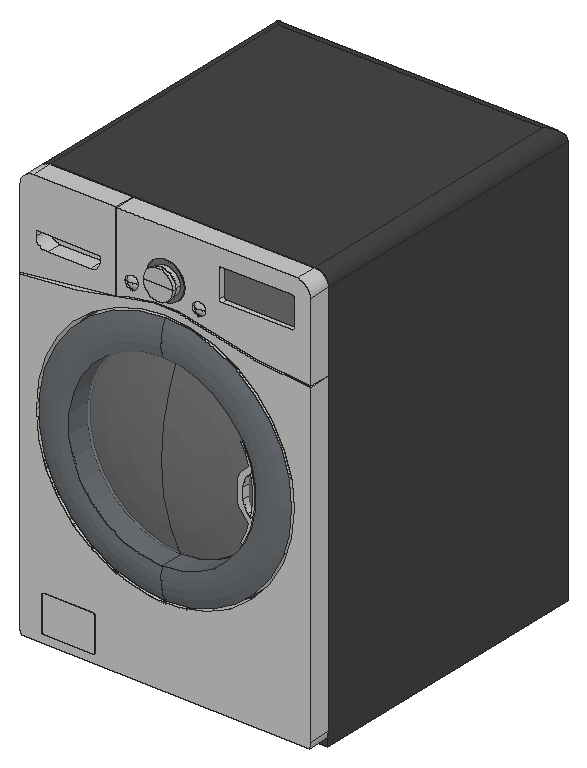
Revit family "Washer-Front_Load", category Specialty Equipment, Revit 2023
Family settings
  Round Connector Dimension = Use Diameter
  Part Type = Normal
  OmniClass Number = 23.45.70.11.11
  OmniClass Title = Residential Laundry Equipment
  Work Plane-Based = No
  Enable Cutting in Views = No
  Always vertical = Yes
  Cut with Voids When Loaded = No
  Maintain Annotation Orientation = No
  Shared = No
  Room Calculation Point = No
Parameters (values of type "27"")
  Panel = Appliance - Panel
  Door Window = Appliance - Polycarbonate
  Door Width = Width / 2 - 0' 0 1/4"  # 1' - 1 1/4"
  Width = 2' - 3"
  Wall Offset = 0' - 4"
  Voltage = 120 V
  Show Label = yes
  Power Consumption = 500 VA
  Label = "W/D"
  Height = 3' - 2 11/16"
  Door Trim = Appliance - Door Trim
  Description = "Front Load Washer"
  Depth = 2' - 5 3/4"
  Default Elevation = 0' - 0"
  Controls = Appliance - Controls
  Base Offset from Level = 0' - 0 3/4"
  Assembly Code = "E1090320"
  Appliance Finish = Appliance - Stainless Steel
  Appliance Body = Appliance - Steel - Black
  Amperage = Power Consumption / Voltage  # 4.16667 A
Types (2): name | Label | Base Offset from Level
  27" | "W/D" | 0' - 0 3/4"
  27" with Pedestal | "Washer" | 1' - 2 1/8"
Reference planes (in)
  plane 1 "Back": y = 0
  plane 2: z = 0
  plane 3 "Center (Left/Right)": x = 0
  plane 4 "Left": x = -13.5
  plane 5 "Right": x = 13.5
  plane 6: y = -4
  plane 7 "Front": y = -33.75
  plane 8 "Door Back": y = -31.75
  plane 9 "B.O. Door": z = 0.75
  plane 10 "Top": z = 39.4375
  plane 11: y = -54.5
  plane 12 "Drum CL": z = 20.09375
  plane 13 "Controls": z = 34.9375
  plane 14 "Buttons": z = 33.6875
  plane 15: x = 8.67279
Forms (in)
  Extrusion 1, solid, material "Appliance - Steel - Black" <- "Appliance Body"
    sketch origin (0, 0, 0) x (1, 0, 0) y (0, 1, 0)
      loop
        line (-13.5, -4) -> (-13.5, -31.75) -> (13.5, -31.75) -> (13.5, -4) -> (-13.5, -4)
    from 0 to 39.4375
  Extrusion 2, solid, material "Appliance - Stainless Steel" <- "Appliance Finish"
    sketch origin (0, -33.75, 0) x (-1, 0, 0) y (0, 0, 1)
      loop
        line (12.25, 39.4375) -> (-12.25, 39.4375)
        arc (-12.25, 39.4375) -> (-13.13388, 39.07138) -> (-13.5, 38.1875) r 1.25
        line (-13.5, 38.1875) -> (-13.5, 30.90585)
        arc (-13.5, 30.90585) -> (-8.35653, 31.36283) -> (-3.29994, 32.4093) r 44.74936
        arc (-3.29994, 32.4093) -> (0, 32.84375) -> (3.29994, 32.4093) r 12.75
        arc (3.29994, 32.4093) -> (8.35653, 31.36283) -> (13.5, 30.90585) r 44.74936
        line (13.5, 30.90585) -> (13.5, 38.1875)
        arc (13.5, 38.1875) -> (13.13388, 39.07138) -> (12.25, 39.4375) r 1.25
      loop
        line (13.5, 1.25) -> (13.5, 30.78079)
        arc (13.5, 30.78079) -> (8.34021, 31.23889) -> (3.26759, 32.28856) r 44.87436
        arc (3.26759, 32.28856) -> (0, 32.71875) -> (-3.26759, 32.28856) r 12.625
        arc (-3.26759, 32.28856) -> (-8.34021, 31.23889) -> (-13.5, 30.78079) r 44.87436
        line (-13.5, 30.78079) -> (-13.5, 1.25)
        arc (-13.5, 1.25) -> (-13.13388, 0.36612) -> (-12.25, 0) r 1.25
        line (-12.25, 0) -> (12.25, 0)
        arc (12.25, 0) -> (13.13388, 0.36612) -> (13.5, 1.25) r 1.25
      loop
        circle (0, 20.09375) r 12
      loop
        circle (3.125, 33.6875) r 0.625
      loop
        circle (-3.125, 33.6875) r 0.625
    from 0 to 2
  Revolve 3, solid, material "Appliance - Door Trim" <- "Door Trim", detail levels medium+fine
    sketch origin (0, 0, 0) x (0, 1, 0) y (0, 0, 1)
      loop
        line (-31.75, 31.84375) -> (-33.75, 31.84375)
        arc (-33.75, 31.84375) -> (-34.23641, 30.3424) -> (-34.15081, 28.76654) r 4.31765
        line (-34.15081, 28.76654) -> (-31.75, 28.76654) -> (-31.75, 31.84375)
      axis (-31.75, 20.09375) -> (-34.15081, 20.09375)
    angle from 0 to 360
  Revolve 4, solid, material "Appliance - Polycarbonate" <- "Door Window", detail levels medium+fine
    sketch origin (0, 0, 0) x (0, 1, 0) y (0, 0, 1)
      loop
        line (-31.75, 28.76654) -> (-32.039, 28.76654)
        arc (-32.039, 28.76654) -> (-33.61525, 24.55685) -> (-34.15081, 20.09375) r 18.86467
        line (-34.15081, 20.09375) -> (-31.75, 20.09375) -> (-31.75, 28.76654)
      axis (-31.75, 20.09375) -> (-34.15081, 20.09375)
    angle from 0 to 360
  Sweep 5, void
    path origin (0, -33.75, 0) x (-1, 0, 0) y (0, 0, 1)
      loop
        line (11.25, 5) -> (6.75, 5)
        arc (6.75, 5) -> (6.57322, 4.92678) -> (6.5, 4.75) r 0.25
        line (6.5, 4.75) -> (6.5, 1.75)
        arc (6.5, 1.75) -> (6.57322, 1.57322) -> (6.75, 1.5) r 0.25
        line (6.75, 1.5) -> (11.25, 1.5)
        arc (11.25, 1.5) -> (11.42678, 1.57322) -> (11.5, 1.75) r 0.25
        line (11.5, 1.75) -> (11.5, 4.75)
        arc (11.5, 4.75) -> (11.42678, 4.92678) -> (11.25, 5) r 0.25
    profile origin (-9, -33.75, 5) x (0, 0, -1) y (0, 1, 0)
      loop
        line (0, 0) -> (0.0625, 0) -> (0.0625, 0.53125) -> (0, 0.53125) -> (0, 0)
  Extrusion 6, void
    sketch origin (0, -33.75, 0) x (-1, 0, 0) y (0, 0, 1)
      loop
        line (12, 34.9375) -> (6, 34.9375) -> (6, 34.4375)
        arc (6, 34.4375) -> (6.29289, 33.73039) -> (7, 33.4375) r 1
        line (7, 33.4375) -> (11, 33.4375)
        arc (11, 33.4375) -> (11.70711, 33.73039) -> (12, 34.4375) r 1
        line (12, 34.4375) -> (12, 34.9375)
    from 0 to 1.5
  Extrusion 7, void
    sketch origin (0, -33.75, 0) x (-1, 0, 0) y (0, 0, 1)
      loop
        line (4.58471, 39.4375) -> (4.52221, 39.4375) -> (4.52221, 32.07217) -> (4.58471, 32.07217) -> (4.58471, 39.4375)
    from 0 to 2
  Extrusion 8, void
    sketch origin (0, -33.75, 0) x (-1, 0, 0) y (0, 0, 1)
      loop
        arc (-5.25, 34.9375) -> (-5.07322, 35.01072) -> (-5, 35.1875) r 0.25
        line (-5, 35.1875) -> (-5, 37.6875)
        arc (-5, 37.6875) -> (-5.07322, 37.86428) -> (-5.25, 37.9375) r 0.25
        line (-5.25, 37.9375) -> (-11.75, 37.9375)
        arc (-11.75, 37.9375) -> (-11.92678, 37.86428) -> (-12, 37.6875) r 0.25
        line (-12, 37.6875) -> (-12, 35.1875)
        arc (-12, 35.1875) -> (-11.92678, 35.01072) -> (-11.75, 34.9375) r 0.25
        line (-11.75, 34.9375) -> (-5.25, 34.9375)
    from 0 to 0.5
  Revolve 9, solid, material "Appliance - Controls" <- "Controls", detail levels fine
    sketch origin (0, 0, 34.9375) x (-1, 0, 0) y (0, -1, 0)
      loop
        line (0, 33.5) -> (1.3125, 33.5) -> (1.3125, 34.20551) -> (1.25, 34.20551) -> (1.25, 34.33051) -> (1.375, 34.33051) -> (1.375, 34.58051) -> (0, 34.58051) -> (0, 33.5)
      axis (0, 33.5) -> (0, 34.58051)
    angle from 0 to 360
  Revolve 10, solid, material "Appliance - Controls" <- "Controls", detail levels fine
    sketch origin (0, 0, 33.6875) x (-1, 0, 0) y (0, -1, 0)
      loop
        line (3.125, 33.59275) -> (3.75, 33.59275)
        arc (3.75, 33.59275) -> (3.45767, 33.76818) -> (3.125, 33.84275) r 1.07013
        line (3.125, 33.84275) -> (3.125, 33.59275)
      axis (3.125, 33.84275) -> (3.125, 33.59275)
    angle from 0 to 360
  Revolve 11, solid, material "Appliance - Controls" <- "Controls", detail levels fine
    sketch origin (6.25, 0, 33.6875) x (-1, 0, 0) y (0, -1, 0)
      loop
        line (3.125, 33.59275) -> (3.75, 33.59275)
        arc (3.75, 33.59275) -> (3.45767, 33.76818) -> (3.125, 33.84275) r 1.07013
        line (3.125, 33.84275) -> (3.125, 33.59275)
      axis (3.125, 33.84275) -> (3.125, 33.59275)
    angle from 0 to 360
  Extrusion 12, solid, material "Appliance - Controls" <- "Controls", detail levels fine
    sketch origin (0, -33.75, 0) x (-1, 0, 0) y (0, 0, 1)
      loop
        arc (-7.51086, 24.43014) -> (-8.67279, 20.09375) -> (-7.51086, 15.75736) r 8.67279
        line (-7.51086, 15.75736) -> (-7.30203, 15.87792)
        arc (-7.30203, 15.87792) -> (-8.43165, 20.09375) -> (-7.30203, 24.30958) r 8.43165
        line (-7.30203, 24.30958) -> (-7.51086, 24.43014)
    from -0.40081 to 1.711
  Extrusion 13, solid, material "Appliance - Controls" <- "Controls", detail levels fine
    sketch origin (0, -33.75, 0) x (-1, 0, 0) y (0, 0, 1)
      loop
        line (-8.22715, 21.93951) -> (-7.95938, 21.67174)
        arc (-7.95938, 21.67174) -> (-7.63422, 21.18511) -> (-7.52004, 20.61108) r 1.5
        line (-7.52004, 20.61108) -> (-7.52004, 19.61153)
        arc (-7.52004, 19.61153) -> (-7.63422, 19.03751) -> (-7.95938, 18.55087) r 1.5
        line (-7.95938, 18.55087) -> (-8.23354, 18.27672)
        arc (-8.23354, 18.27672) -> (-8.16608, 17.99423) -> (-8.08892, 17.71423) r 8.43165
        line (-8.08892, 17.71423) -> (-7.45938, 18.34377)
        arc (-7.45938, 18.34377) -> (-7.13422, 18.8304) -> (-7.02004, 19.40443) r 1.5
        line (-7.02004, 19.40443) -> (-7.02004, 20.81819)
        arc (-7.02004, 20.81819) -> (-7.13422, 21.39221) -> (-7.45938, 21.87885) r 1.5
        line (-7.45938, 21.87885) -> (-8.0809, 22.50037)
        arc (-8.0809, 22.50037) -> (-8.15885, 22.2212) -> (-8.22715, 21.93951) r 8.43165
    from -0.40081 to 0.25938
  Extrusion 14, solid, material "Appliance - Panel" <- "Panel", detail levels fine
    sketch origin (0, -33.75, 0) x (-1, 0, 0) y (0, 0, 1)
      loop
        circle (0, 34.9375) r 1.75
    from 0 to 2
  Extrusion 15, void
    sketch origin (0, 0, 0) x (0, 1, 0) y (0, 0, 1)
      loop
        line (-31.75, 0.75) -> (-33.75, 0.75) -> (-33.75, 0) -> (-31.75, 0) -> (-31.75, 0.75)
    from -13.5 to 13.5
  Sweep 16, void
    path in 3D
      loop
        line (13.5, -31.75, 39.4375) -> (13.5, -4, 39.4375) -> (-13.5, -4, 39.4375) -> (-13.5, -31.75, 39.4375)
    profile origin (-13.5, -17.875, 39.4375) x (1, 0, 0) y (0, 0, 1)
      loop
        line (0, 0) -> (0, -1.25)
        arc (0, -1.25) -> (0.36612, -0.36612) -> (1.25, 0) r 1.25
        line (1.25, 0) -> (0, 0)
  Extrusion 17, void
    sketch origin (0, -33.75, 0) x (-1, 0, 0) y (0, 0, 1)
      loop
        circle (0, 34.9375) r 1.75
    from 0 to 2
Cuts and joins
  Sweep 5, Extrusion 6, Extrusion 7, Extrusion 8, Extrusion 15, Extrusion 17 cuts Extrusion 2
  joined: Extrusion 12, Extrusion 13
  Extrusion 15, Sweep 16 cuts Extrusion 1
Lines and regions (in)
  Split face 1
    outline origin (-13.5, -4, 0) x (1, 0, 0) y (0, 0, -1)
      loop
        circle (21, -32.0625) r 2
  Split face 2
    outline origin (-13.5, -4, 0) x (1, 0, 0) y (0, 0, -1)
      loop
        circle (13.5, -20.09375) r 1
  Split face 3
    outline origin (-13.5, -4, 5.5) x (1, 0, 0) y (0, 0, -1)
      loop
        circle (6.07499, -29.4375) r 0.5
  Split face 4
    outline origin (-15.5, -4, 5.5) x (1, 0, 0) y (0, 0, -1)
      loop
        circle (6.07499, -29.4375) r 0.5
  Masking region 1
    outline origin (0, 0, 33.6875) x (-1, 0, 0) y (0, -1, 0)
      loop
        line (13.5, 4) -> (13.5, 33.75) -> (-13.5, 33.75) -> (-13.5, 4) -> (13.5, 4)
  symbolic lines, style "Appliances"
    curve 1: line (-13.5, -33.75, 0) -> (-13.5, -4, 0)
    curve 2: line (13.5, -33.75, 0) -> (-13.5, -33.75, 0)
    curve 3: line (13.5, -4, 0) -> (13.5, -33.75, 0)
    curve 4: line (-13.5, -4, 0) -> (13.5, -4, 0)
  sketch lines
    curve 5: line (-13.5, -4, 39.4375) -> (-13.5, -31.75, 39.4375)
    curve 6: line (13.5, -4, 39.4375) -> (-13.5, -4, 39.4375)
    curve 7: line (13.5, -31.75, 39.4375) -> (13.5, -4, 39.4375)
  symbolic lines, style "Appliances - Plan Swing", detail levels medium+fine
    curve 8: arc (-9, -54.5, 33.6875) -> (5.67247, -48.42247, 33.6875) -> (11.75, -33.75, 33.6875) r 20.75
    curve 9: line (-11.75, -33.75, 33.6875) -> (-11.75, -54.5, 33.6875)
    curve 10: line (-11.75, -54.5, 33.6875) -> (-9, -54.5, 33.6875)
  reference lines
    curve 11: line (0, -33.75, 20.09375) -> (7.51086, -33.75, 24.43014)
    curve 12: line (0, -33.75, 20.09375) -> (7.51086, -33.75, 15.75736)
Dimensions and locks (in)
  equal spacing: plane 4 "Left", plane 3 "Center (Left/Right)", plane 5 "Right"
  "Width": plane 4 "Left" to plane 5 "Right"
  "Depth": plane 6 to plane 7 "Front"
  "Wall Offset": plane 1 "Back" to plane 6
  "Height": plane 10 "Top" to plane 9 "B.O. Door"
  "Base Offset from Level": plane 9 "B.O. Door" to level
  locked: plane 8 "Door Back" to plane 7 "Front" at 2
  locked: plane 5 "Right" to Split face 1 sketch curve at 6
  equal spacing: plane 6, nested 1, plane 8 "Door Back"
  Split face 2 sketch curve to plane 9 "B.O. Door" = 1' - 7 11/32"
  locked: plane 7 "Front" to plane 11 at 20.75
  Extrusion 2 sketch curve to Extrusion 2 sketch curve to plane 12 "Drum CL" = 0' - 0.12506" locked, 0' - 10.68704" locked  (x2)
  equal spacing: plane 10 "Top", plane 12 "Drum CL", plane 9 "B.O. Door"
  plane 12 "Drum CL" to Revolve 3 sketch curve to Revolve 3 sketch curve = 0' - 8.67279", 0' - 3.07721" locked
  Sweep 5 sketch curve to Sweep 5 sketch curve to plane 9 "B.O. Door" = 0' - 3 1/2", 0' - 0 3/4" locked
  Sweep 5 sketch curve to Sweep 5 sketch curve to plane 4 "Left" = 0' - 5" locked, 0' - 2" locked
  locked: plane 10 "Top" to plane 13 "Controls" at 4.5
  plane 5 "Right" to Extrusion 8 sketch curve to Extrusion 8 sketch curve = 0' - 1 1/2" locked, 0' - 7" locked
  locked: Extrusion 8 sketch curve to plane 13 "Controls" at 3
  Revolve 9 sketch curve to Revolve 9 sketch curve to Revolve 9 sketch curve to plane 3 "Center (Left/Right)" = 0' - 0 1/16" locked, 0' - 0 1/16" locked, 0' - 1 1/4" locked
  Revolve 9 sketch curve to Revolve 9 sketch curve to Revolve 9 sketch curve to plane 7 "Front" to Revolve 9 sketch curve = 0' - 0 1/4" locked, 0' - 0 1/8" locked, 0' - 0.45551", 0' - 0 1/4" locked
  Extrusion 6 sketch curve to Extrusion 6 sketch curve to plane 4 "Left" = 0' - 6" locked, 0' - 1 1/2" locked
  locked: plane 13 "Controls" to cut or joined group of Extrusion 2, Sweep 5, Extrusion 6, Extrusion 7, Extrusion 8, Extrusion 15, Extrusion 17 at 1.5
  locked: plane 13 "Controls" to plane 14 "Buttons" at 1.25
  Extrusion 2 sketch curve to plane 3 "Center (Left/Right)" to Extrusion 2 sketch curve = 0' - 3 1/8" locked, 0' - 3 1/8" locked
  locked: Revolve 10 sketch curve to plane 3 "Center (Left/Right)" at 3.125
  locked: plane 3 "Center (Left/Right)" to Revolve 11 sketch curve at 3.125
  Extrusion 13 to plane 7 "Front" to Extrusion 13 = 0' - 0.25938" locked, 0' - 0.40081" locked
  locked: plane 9 "B.O. Door" to Extrusion 15 sketch curve at 0.75
  locked: Extrusion 7 sketch curve to plane 4 "Left" at 8.91529
  locked: Extrusion 7 sketch curve to Extrusion 7 sketch curve at 0.0625
  locked: Extrusion 7 sketch curve to plane 12 "Drum CL" at 11.97842
  locked: plane 15 to plane 3 "Center (Left/Right)" at 8.67279
  locked: Extrusion 13 sketch curve to plane 15 at 1.15275
  locked: Extrusion 13 sketch curve to Extrusion 13 sketch curve at 0.5
  locked: curve 9 to plane 3 "Center (Left/Right)" at 11.75
  locked: curve 9 to curve 10 at 2.75
  radius of Extrusion 2 sketch curve = 0' - 1 1/4"  (x2)
  locked: plane 12 "Drum CL" to curve 11 (angle 30.00°)
  locked: curve 12 to plane 12 "Drum CL" (angle 30.00°)
  aligned and locked: plane 2 to level
  aligned and locked: Extrusion 1 sketch curve to plane 6
  aligned and locked: plane 4 "Left" to Extrusion 1 sketch curve
  aligned and locked: plane 8 "Door Back" to Extrusion 1 sketch curve
  aligned and locked: Extrusion 1 sketch curve to plane 5 "Right"
  aligned and locked: plane 3 "Center (Left/Right)" to Split face 2 sketch curve
  aligned and locked: plane 4 "Left" to Extrusion 2 sketch curve  (x2)
  aligned and locked: Extrusion 2 sketch curve to plane 5 "Right"
  aligned and locked: plane 3 "Center (Left/Right)" to nested 1
  aligned and locked: Extrusion 2 sketch curve to plane 10 "Top"
  aligned and locked: plane 10 "Top" to Extrusion 1
  aligned and locked: plane 8 "Door Back" to Extrusion 2
  aligned and locked: plane 5 "Right" to Extrusion 2 sketch curve
  aligned and locked: plane 12 "Drum CL" to Extrusion 2 sketch curve  (x2)
  aligned and locked: Revolve 3 sketch curve to plane 12 "Drum CL"
  aligned and locked: plane 8 "Door Back" to Revolve 4 sketch curve
  aligned and locked: Revolve 4 sketch curve to plane 12 "Drum CL"
  aligned and locked: Extrusion 8 sketch curve to plane 13 "Controls"
  aligned and locked: Revolve 9 sketch curve to plane 3 "Center (Left/Right)"
  aligned and locked: plane 10 "Top" to Extrusion 7 sketch curve
  aligned and locked: plane 14 "Buttons" to Extrusion 2 sketch curve  (x2)
  aligned and locked: Revolve 3 to Extrusion 12
  aligned and locked: Extrusion 12 to Revolve 4
  aligned and locked: Extrusion 13 sketch curve to Extrusion 12
  aligned and locked: Revolve 3 to Extrusion 13
  aligned and locked: plane 8 "Door Back" to Extrusion 14
  aligned and locked: plane 13 "Controls" to Split face 3 sketch curve
  aligned and locked: plane 13 "Controls" to Split face 4 sketch curve
  aligned and locked: plane 4 "Left" to Masking region 1 sketch curve
  aligned and locked: Masking region 1 sketch curve to plane 6
  aligned and locked: Masking region 1 sketch curve to plane 5 "Right"
  aligned and locked: plane 7 "Front" to Masking region 1 sketch curve
  aligned and locked: Extrusion 1 to level
  aligned and locked: Extrusion 2 sketch curve to level
  aligned and locked: Extrusion 15 sketch curve to plane 9 "B.O. Door"
  aligned and locked: Extrusion 15 sketch curve to plane 8 "Door Back"
  aligned and locked: plane 7 "Front" to Extrusion 15 sketch curve
  aligned and locked: plane 5 "Right" to Extrusion 15
  aligned and locked: Extrusion 15 to plane 4 "Left"
  aligned and locked: plane 10 "Top" to Sweep 16 sketch curve
  aligned and locked: Sweep 16 sketch curve to plane 4 "Left"
  aligned and locked: plane 3 "Center (Left/Right)" to Extrusion 12 sketch curve  (x2)
  aligned and locked: plane 12 "Drum CL" to Extrusion 12 sketch curve  (x2)
  aligned and locked: plane 12 "Drum CL" to curve 11
  aligned and locked: plane 3 "Center (Left/Right)" to curve 12
  aligned and locked: Extrusion 12 sketch curve to curve 11
  aligned and locked: Extrusion 12 sketch curve to curve 12
  aligned and locked: plane 7 "Front" to curve 9
  aligned and locked: plane 11 to curve 9
  aligned and locked: curve 9 to curve 9
  aligned and locked: plane 7 "Front" to curve 8
  aligned and locked: Extrusion 17 sketch curve to Extrusion 14  (x2)
  aligned and locked: Extrusion 17 to plane 7 "Front"
  aligned and locked: Extrusion 14 to plane 7 "Front"
  aligned and locked: plane 8 "Door Back" to Extrusion 17
Automatic sketch dimensions
  curve 1 to plane 4 "Left" = 0' - 0"
  curve 2 to plane 5 "Right" = 0' - 0"
  curve 1 to plane 7 "Front" = 0' - 0"
  curve 4 to plane 6 = 0' - 0"
  Split face 1 sketch curve to Extrusion 1 = 0' - 7 3/8"
  Split face 3 sketch curve to Extrusion 1 = 0' - 6.07499"
  Revolve 3 sketch curve to plane 7 "Front" = 0' - 0"
  Revolve 3 sketch curve to plane 8 "Door Back" = 0' - 0"
  Revolve 3 sketch curve to plane 7 "Front" = 0' - 0.40081"
  plane 8 "Door Back" to Revolve 3 sketch curve = 0' - 1.79507"
  Revolve 3 sketch curve to plane 11 = 3' - 10.08824"
  Revolve 3 sketch curve to plane 1 "Back" = 6' - 10.57514"
  Revolve 4 sketch curve to plane 12 "Drum CL" = 0' - 0"
  Revolve 4 sketch curve to Revolve 4 sketch curve = 0' - 0.289"
  Revolve 4 sketch curve to plane 7 "Front" = 0' - 0.40081"
  Revolve 4 sketch curve to plane 6 = 0' - 11.28613"
  Revolve 4 sketch curve to plane 11 = 3' - 10.08824"
  Revolve 4 sketch curve to plane 1 "Back" = 6' - 10.57514"
  Sweep 5 sketch curve to Sweep 5 sketch curve = 0' - 0 1/4"  (x4)
  Sweep 5 sketch curve to profile plane = 0' - 0"
  Sweep 5 sketch curve to plane 7 "Front" = 0' - 0"
  Sweep 5 sketch curve to Sweep 5 sketch curve = 0' - 0 1/16"
  plane 7 "Front" to Sweep 5 sketch curve = 0' - 0 17/32"
  Extrusion 6 sketch curve to plane 13 "Controls" = 0' - 0"
  Extrusion 6 sketch curve to plane 13 "Controls" = 0' - 0 1/2"
  Extrusion 6 sketch curve to Extrusion 6 sketch curve = 0' - 1"  (x2)
  Extrusion 8 sketch curve to Extrusion 8 sketch curve = 0' - 0 1/4"  (x4)
  Revolve 9 sketch curve to plane 3 "Center (Left/Right)" = 0' - 0"
  Revolve 9 sketch curve to plane 1 "Back" = 5' - 0"
  Revolve 9 sketch curve to plane 11 = 0' - 5 1/2"
  Revolve 10 sketch curve to plane 7 "Front" = 0' - 0.09275"
  Revolve 10 sketch curve to Revolve 10 sketch curve = 0' - 0"
  Revolve 10 sketch curve to Revolve 10 sketch curve = 0' - 0.06477"
  plane 7 "Front" to Revolve 10 sketch curve = 0' - 0.15725"
  Revolve 10 sketch curve to Revolve 10 sketch curve = 0' - 0 5/8"
  plane 8 "Door Back" to Revolve 10 sketch curve = 0' - 1.09586"
  Revolve 10 sketch curve to Revolve 10 sketch curve = 0' - 2.06139"
  Revolve 11 sketch curve to plane 7 "Front" = 0' - 0.09275"
  Revolve 11 sketch curve to Revolve 11 sketch curve = 0' - 0"
  Revolve 11 sketch curve to Revolve 11 sketch curve = 0' - 0.06477"
  plane 7 "Front" to Revolve 11 sketch curve = 0' - 0.15725"
  Revolve 11 sketch curve to Revolve 11 sketch curve = 0' - 0 5/8"
  plane 8 "Door Back" to Revolve 11 sketch curve = 0' - 1.09586"
  Revolve 11 sketch curve to Revolve 11 sketch curve = 0' - 2.06139"
  plane 12 "Drum CL" to Extrusion 12 sketch curve = 0' - 4.21583"
  Extrusion 12 sketch curve to Extrusion 12 sketch curve = 0' - 0.12057"
  Extrusion 13 sketch curve to Extrusion 13 sketch curve = 0' - 0"  (x2)
  plane 12 "Drum CL" to Extrusion 13 sketch curve = 0' - 0.72444"
  plane 12 "Drum CL" to Extrusion 13 sketch curve = 0' - 1.7851"
  Extrusion 13 sketch curve to Extrusion 13 sketch curve = 0' - 0.43934"  (x2)
  Extrusion 13 sketch curve to plane 12 "Drum CL" = 0' - 1 3/4"
  Extrusion 13 sketch curve to plane 12 "Drum CL" = 0' - 1.54288"
  Extrusion 13 sketch curve to Extrusion 13 sketch curve = 0' - 0 1/2"  (x2)
  plane 12 "Drum CL" to Extrusion 13 sketch curve = 0' - 1.57799"
  plane 12 "Drum CL" to Extrusion 13 sketch curve = 0' - 2.40662"
  Extrusion 13 sketch curve to Extrusion 13 sketch curve = 0' - 0.12152"
  Extrusion 13 sketch curve to plane 12 "Drum CL" = 0' - 2.37952"
  plane 12 "Drum CL" to Extrusion 13 sketch curve = 0' - 1.84576"
  Extrusion 13 sketch curve to plane 12 "Drum CL" = 0' - 1.81703"
  Extrusion 13 sketch curve to plane 12 "Drum CL" = 0' - 0.68932"
  plane 12 "Drum CL" to Extrusion 13 sketch curve = 0' - 0.51733"
  Extrusion 13 sketch curve to plane 12 "Drum CL" = 0' - 0.48222"
  Extrusion 14 sketch curve to plane 3 "Center (Left/Right)" = 0' - 0"
  Extrusion 14 sketch curve to plane 13 "Controls" = 0' - 0"
  Split face 4 sketch curve to Extrusion 1 = 0' - 4.07499"
  Extrusion 2 sketch curve to Extrusion 2 sketch curve = 0' - 0"  (x10)
  Extrusion 2 sketch curve to plane 3 "Center (Left/Right)" = 0' - 0"
  plane 5 "Right" to Extrusion 2 sketch curve = 0' - 1.38193"
  Extrusion 2 sketch curve to Extrusion 2 sketch curve = 0' - 1 1/4"
  plane 4 "Left" to Extrusion 2 sketch curve = 0' - 1 1/4"
  Extrusion 2 sketch curve to plane 4 "Left" = 0' - 1.38193"
  plane 10 "Top" to Extrusion 2 sketch curve = 3' - 0.19636"
  Sweep 16 sketch curve to profile plane = 0' - 1 1/4"
  radius of Split face 1 sketch curve = 0' - 2"
  radius of Split face 2 sketch curve = 0' - 1"
  radius of Split face 3 sketch curve = 0' - 0 1/2"
  radius of Extrusion 14 sketch curve = 0' - 1 3/4"
  radius of Split face 4 sketch curve = 0' - 0 1/2"
  radius of Extrusion 2 sketch curve = 1' - 0"
  radius of Extrusion 2 sketch curve = 0' - 0 5/8"  (x2)
Nested families (in)
  nested 1: "Label Annotation 3-32" at (0, -17.875, 0), visible <- "Show Label", type "Label Annotation 3-32"
Connectors (in)
  electrical at (7.5, -4, 32.0625), driven by "Voltage", driven by "Power Consumption"
    settings: on Extrusion 1, index 1, voltage 120 V, apparent load 500 VA, apparent load phase1 0 VA, apparent load phase2 0 VA, apparent load phase3 0 VA, power factor 1, load classification "Appliance", number of poles 1, system type 30, power factor state 1, is connector primary yes, connector utility no, sub classification motor no, connector description "Washer Power"
  piping at (0, -4, 20.09375), diameter 1
    settings: on Extrusion 1, index 4, connector inside diameter 24", connector length 0' - 0", flow factor 0, pipe flow 0 GPM, pressure drop 0.00 psi, fitting loss kfactor 0, connector angle 0.00°, fixture units 1, engagement length 0' - 0", angle of deflection 0.00°, flow configuration 3, flow direction 2, fitting loss method 0, system type 16, joint type 0, gender type 0, connector reference index -1, connector utility 0, adjustable connector yes, is connector primary yes, connector description "Washer Drain"
  piping at (-7.42501, -4, 34.9375), diameter 0.75
    settings: on Extrusion 1, index 5, connector inside diameter 24", connector length 0' - 0", flow factor 0, pipe flow 0 GPM, pressure drop 0.00 psi, fitting loss kfactor 0, connector angle 0.00°, fixture units 1, engagement length 0' - 0", angle of deflection 0.00°, flow configuration 3, flow direction 1, fitting loss method 0, system type 19, joint type 0, gender type 0, connector reference index -1, connector utility 0, adjustable connector no, is connector primary no, connector description "Washer - Hot Water"
  piping at (-9.42501, -4, 34.9375), diameter 0.75
    settings: on Extrusion 1, index 6, connector inside diameter 24", connector length 0' - 0", flow factor 0, pipe flow 0 GPM, pressure drop 0.00 psi, fitting loss kfactor 0, connector angle 0.00°, fixture units 1, engagement length 0' - 0", angle of deflection 0.00°, flow configuration 3, flow direction 1, fitting loss method 0, system type 20, joint type 0, gender type 0, connector reference index -1, connector utility 0, adjustable connector no, is connector primary no, connector description "Washer - Cold Water"
Definition of nested family "Label Annotation 3-32"
  Parameters
    Label = "Freezer 36 LH"
  Reference planes (in)
    plane 1: y = 0
    plane 2: x = 0
  Text (in)
    label "Label" at (0.00375, -0.00345, 0), shows "Label"
